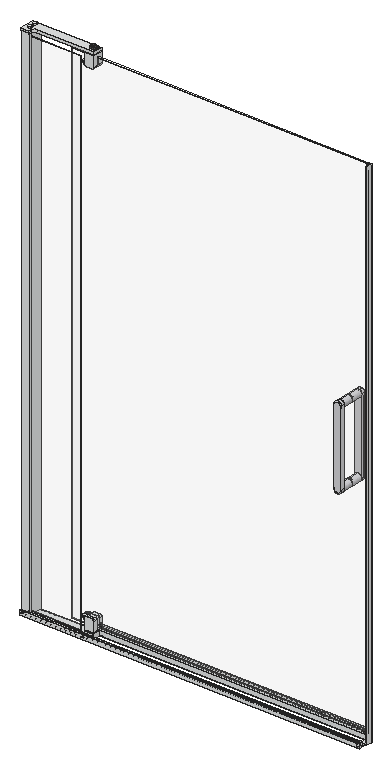
Revit family "Shower-Shower_Door-KOHLER-Revel-K-707556_1", category Specialty Equipment, host Face, Revit 2022 (continued)
Definition of nested family "K-707556"
  Dimensions and locks (in)
    aligned and locked: Masking region 3 sketch curve to plane 30
    aligned and locked: plane 29 to Masking region 3 sketch curve
    aligned and locked: Extrusion 35 sketch curve to plane 28
    aligned and locked: Extrusion 35 to plane 22
    aligned and locked: Masking region 3 sketch curve to plane 28
    aligned and locked: plane 22 to Masking region 1 sketch curve
    aligned and locked: Masking region 1 sketch curve to plane 30
  Automatic sketch dimensions
    curve 91 to curve 92 = 0"  (x2)
    curve 91 to curve 93 = 0"  (x2)
    curve 91 to curve 94 = 0"  (x2)
    curve 91 to curve 95 = 0"  (x2)
    curve 92 to curve 93 = 0"  (x2)
    curve 92 to curve 94 = 0"  (x2)
    curve 92 to curve 95 = 0"  (x2)
    curve 93 to curve 94 = 0"  (x2)
    curve 93 to curve 95 = 0"  (x2)
    curve 94 to curve 95 = 0"  (x2)
    curve 143 to curve 144 = 0"  (x2)
    curve 143 to curve 145 = 0"  (x2)
    curve 143 to curve 146 = 0"  (x2)
    curve 144 to curve 145 = 0"  (x2)
    curve 144 to curve 146 = 0"  (x2)
    curve 145 to curve 146 = 0"  (x2)
    curve 80 to plane 4 = 0"
    curve 74 to plane 14 = 0"
    plane 1 "Center (Front/Back)" to curve 94 = 0"
    curve 75 to plane 14 = 0"
    curve 78 to plane 27 = 0"
    curve 147 to plane 27 = 0"
    plane 15 to curve 135 = 0"
    plane 15 to curve 136 = 0"
    curve 150 to plane 29 = 0"
    curve 159 to plane 31 = 0"
    curve 153 to plane 30 = 0"
    curve 161 to plane 30 = 0"
    curve 152 to plane 30 = 0"
    plane 15 to curve 150 = 0"
    plane 19 "A" to curve 131 = 0.03673"
    plane 18 to curve 131 = 0.13423"
    plane 20 "B" to curve 116 = 0.03673"
    plane 18 to curve 116 = 0.13423"
    plane 18 to curve 128 = 0.03673"
    plane 18 to curve 123 = 0.03673"
    plane 18 to curve 108 = 0.03673"
    plane 18 to curve 119 = 0.03673"
    curve 118 to plane 18 = 0.03673"
    curve 109 to plane 18 = 0.03673"
    curve 130 to plane 18 = 0.03673"
    curve 124 to plane 18 = 0.03673"
    curve 125 to plane 19 "A" = 0.03673"
    curve 122 to curve 125 = 0.0975"
    plane 20 "B" to curve 112 = 0.03673"
    curve 110 to curve 112 = 0.0975"
    curve 81 to curve 81 = 0.09093"
    curve 85 to plane 5 = 61/256"
    curve 84 to plane 5 = 0.03"
    curve 83 to plane 5 = 0.03"
    plane 1 "Center (Front/Back)" to curve 102 = 0.02884"
    plane 5 to curve 102 = 0.76063"
    plane 20 "B" to curve 141 = 0.16284"
    curve 102 to curve 141 = 0.04852"
    curve 102 to curve 96 = 0.09966"
    curve 102 to curve 104 = 0.09966"
    curve 141 to curve 143 = 0.07988"
    curve 96 to curve 140 = 0.02874"
    curve 140 to curve 94 = 0.0001"
    curve 95 to curve 103 = 0.02884"
    curve 140 to curve 100 = 0.02895"
    plane 1 "Center (Front/Back)" to curve 103 = 0.02884"
    curve 103 to curve 103 = 0.09966"
    plane 1 "Center (Front/Back)" to curve 142 = 0.04856"
    curve 142 to plane 27 = 0.23277"
    curve 157 to plane 31 = 0.03365"
    plane 31 to curve 158 = 0.01322"
    plane 31 to curve 156 = 0.02423"
    curve 156 to curve 154 = 0.00633"
    curve 155 to curve 153 = 0.05885"
    plane 31 to curve 155 = 0.08389"
    plane 1 "Center (Front/Back)" to curve 160 = 0.00425"
    curve 155 to curve 160 = 0.02009"
    plane 31 to curve 162 = 0.15086"
    curve 163 to curve 163 = 0.02441"
    curve 148 to plane 30 = 0.05767"
    curve 147 to plane 30 = 0.05767"
    curve 80 to curve 79 = 0.1652"
    curve 84 to plane 15 = 0.4581"
    curve 84 to curve 85 = 0.11575"
    curve 130 to curve 129 = 0.0975"
    plane 19 "A" to curve 130 = 0.03673"
    curve 127 to plane 19 "A" = 0.03673"
    curve 120 to curve 121 = 0.0975"
    plane 1 "Center (Front/Back)" to curve 162 = 0.18411"
    curve 163 to curve 148 = 0.02361"
    curve 104 to curve 104 = 0.09966"
    curve 101 to plane 1 "Center (Front/Back)" = 0.02884"
    curve 96 to plane 1 "Center (Front/Back)" = 0.02884"
    curve 96 to curve 140 = 0.00248"
    curve 155 to plane 1 "Center (Front/Back)" = 0.09118"
    curve 99 to curve 97 = 0.09966"
    curve 155 to curve 154 = 0.06544"
    curve 154 to curve 156 = 0.00927"
    curve 111 to plane 20 "B" = 0.13423"
    curve 158 to plane 20 "B" = 0.03683"
    curve 114 to plane 20 "B" = 0.03673"
    curve 119 to plane 20 "B" = 0.03673"
    curve 158 to curve 157 = 0.0175"
    curve 108 to curve 108 = 0.0975"
    curve 141 to curve 144 = 0.00699"
    curve 88 to curve 81 = 0.00607"
    plane 5 to curve 87 = 0.27052"
    plane 5 to curve 74 = 0.38638"
    curve 94 to curve 102 = 0.2311"
    curve 92 to curve 102 = 0.08693"
    plane 20 "B" to curve 141 = 0.01706"
    curve 74 to curve 141 = 0.00276"
    curve 140 to curve 141 = 0"
    curve 143 to curve 141 = 0.01712"
    curve 141 to curve 144 = 0.00256"
    curve 146 to curve 75 = 0.02854"
    plane 1 "Center (Front/Back)" to curve 142 = 0.13925"
    curve 75 to plane 27 = 0.1683"
    curve 89 to plane 27 = 0.04478"
    curve 135 to plane 19 "A" = 0.21563"
    curve 135 to plane 6 "K" = 0.49213"
    curve 132 to plane 20 "B" = 0.11924"
    curve 132 to plane 6 "K" = 0.49213"
    curve 138 to plane 6 "K" = 0.49213"
    plane 6 "K" to curve 136 = 0.49213"
    curve 134 to curve 136 = 0"
    plane 6 "K" to curve 138 = 0.49213"
    curve 156 to plane 29 = 0.05792"
    curve 156 to curve 139 = 0.00498"
    curve 163 to curve 161 = 0.0027"
    plane 30 to curve 162 = 0.01307"
    curve 136 to curve 137 = 0.05765"
    curve 137 to curve 151 = 0.2007"
    curve 151 to curve 152 = 0.06438"
    curve 87 to curve 90 = 0.123"
    curve 89 to curve 87 = 0.11678"
    curve 162 to plane 19 "A" = 0.03474"
    curve 162 to curve 161 = 0.0941"
    curve 77 to curve 148 = 0.17575"
    curve 150 to plane 19 "A" = 0.21563"
    curve 136 to plane 19 "A" = 0.21563"
    curve 76 to curve 148 = 0.06517"
    curve 76 to plane 14 = 0.19046"
    curve 133 to plane 14 = 0.19046"
    curve 134 to plane 14 = 0.19046"
    plane 12 to curve 138 = 0.51403"
    curve 35 to curve 36 = 0"  (x2)
    plane 4 to curve 3 = 0"
    plane 4 to curve 5 = 0"
    curve 1 to plane 7 = 0"
    curve 4 to plane 16 = 0"
    curve 4 to plane 17 = 0"
    curve 3 to plane 8 = 0"
    curve 14 to plane 21 "C" = 0"
    curve 6 to plane 5 = 0"
    curve 5 to plane 5 = 0"
    curve 33 to plane 17 = 0"
    curve 13 to plane 16 = 0"
    curve 20 to plane 8 = 0"
    curve 23 to plane 7 = 0"
    curve 34 to plane 17 = 0"
    curve 15 to plane 16 = 0"
    curve 166 to plane 22 = 0"
    curve 17 to plane 30 = 0"
    curve 165 to plane 30 = 0"
    curve 149 to level = 0"
    curve 149 to plane 22 = 0"
    curve 167 to level = 0"
    curve 35 to plane 9 "D" = 0"
    curve 6 to plane 17 = 0"
    curve 14 to plane 5 = 0.03234"
    plane 9 "D" to curve 33 = 0.02692"
    plane 5 to curve 33 = 0.26228"
    curve 7 to plane 21 "C" = 0.03784"
    plane 5 to curve 7 = 0.28002"
    plane 9 "D" to curve 30 = 0.27933"
    curve 8 to curve 8 = 0.24016"
    curve 30 to plane 27 = 0.31124"
    curve 10 to plane 21 "C" = 0.03893"
    curve 10 to plane 27 = 0.28385"
    plane 9 "D" to curve 34 = 0.02692"
    plane 31 to curve 166 = 0.15086"
    plane 16 to curve 18 = 0.04195"
    plane 7 to curve 2 = 0.03277"
    plane 18 to curve 2 = 0.246"
    curve 2 to curve 1 = 0"  (x2)
    curve 1 to plane 18 = 0.246"
    curve 4 to plane 18 = 0.48083"
    curve 1 to curve 3 = 0.23863"
    plane 5 to curve 22 = 0.26706"
    curve 31 to curve 36 = 0.02188"
    plane 26 to curve 25 = 0.16051"
    plane 5 to curve 25 = 0.56409"
    plane 16 to curve 12 = 0.12358"
    curve 7 to curve 12 = 0.37288"
    curve 12 to curve 13 = 0"
    curve 25 to curve 24 = 23/256"
    curve 22 to curve 20 = 0.38688"
    curve 24 to curve 23 = 0"  (x2)
    curve 20 to curve 21 = 0"  (x2)
    curve 20 to plane 27 = 0.45049"
    curve 23 to curve 20 = 0"
    curve 13 to curve 11 = 0.40467"
    curve 13 to curve 12 = 0.00481"
    curve 24 to curve 25 = 23/256"
    curve 22 to plane 27 = 0.06361"
    curve 15 to plane 27 = 0.04478"
    curve 168 to plane 29 = 0.05794"
    curve 149 to plane 28 = 0.05484"
    curve 16 to level = 0.00013"
    curve 18 to curve 15 = 0.13054"
    plane 16 to curve 11 = 0.16295"
    curve 166 to curve 19 = 0.42563"
    plane 16 to curve 6 = 0.46758"
    curve 7 to curve 6 = 0"
    plane 21 "C" to curve 14 = 0.31068"
    curve 35 to plane 9 "D" = 0.16965"
    curve 22 to plane 8 = 0.13399"
    curve 21 to plane 8 = 0.07121"
    curve 24 to curve 25 = 0.063"
    Extrusion 1 sketch curve to level = 0"
    Extrusion 1 sketch curve to plane 15 = 0.06835"
    Extrusion 1 sketch curve to Extrusion 1 sketch curve = 0.0575"
    Extrusion 1 sketch curve to Extrusion 1 sketch curve = 0.00517"
    Extrusion 1 sketch curve to Extrusion 1 sketch curve = 0.01419"
    Extrusion 1 sketch curve to Extrusion 1 sketch curve = 0.06095"
    level to Extrusion 1 sketch curve = 1/16"
    Extrusion 1 sketch curve to plane 19 "A" = 0.24875"
    Extrusion 1 sketch curve to Extrusion 1 sketch curve = 0.0269"
    Extrusion 1 sketch curve to plane 14 = 0.11294"
    Extrusion 1 sketch curve to plane 14 = 0.10972"
    level to Extrusion 1 sketch curve = 0.0362"
    level to Extrusion 1 sketch curve = 0.1353"
    Extrusion 1 sketch curve to Extrusion 1 sketch curve = 0.18081"
    Extrusion 1 sketch curve to plane 16 = 0.14992"
    Extrusion 2 sketch curve to plane 15 = 0"
    Extrusion 2 sketch curve to plane 16 = 0"
    Extrusion 2 sketch curve to level = 0"
    Extrusion 2 sketch curve to Extrusion 2 sketch curve = 0.02565"
    Extrusion 2 sketch curve to Extrusion 2 sketch curve = 0.04849"
    Extrusion 2 sketch curve to plane 15 = 0.06835"
    Extrusion 2 sketch curve to Extrusion 2 sketch curve = 0.01986"
    Extrusion 2 sketch curve to Extrusion 2 sketch curve = 0.13"
    Extrusion 2 sketch curve to Extrusion 2 sketch curve = 0.03"
    Extrusion 2 sketch curve to Extrusion 2 sketch curve = 0.02306"
    level to Extrusion 2 sketch curve = 0.06"
    Extrusion 2 sketch curve to plane 19 "A" = 0.21563"
    Extrusion 2 sketch curve to level = 0.00012"
    Extrusion 2 sketch curve to Extrusion 2 sketch curve = 0.05002"
    Extrusion 2 sketch curve to Extrusion 2 sketch curve = 0.06012"
    Extrusion 2 sketch curve to Extrusion 2 sketch curve = 0.23886"
    Extrusion 2 sketch curve to Extrusion 2 sketch curve = 0.03927"
    Extrusion 3 sketch curve to plane 15 = 0"
    Extrusion 3 sketch curve to plane 16 = 0"
    plane 15 to Extrusion 3 sketch curve = 0.01592"
    Extrusion 3 sketch curve to Extrusion 3 sketch curve = 0.01926"
    Extrusion 3 sketch curve to plane 15 = 0.27398"
    Extrusion 3 sketch curve to Extrusion 3 sketch curve = 0.02839"
    level to Extrusion 3 sketch curve = 0.12718"
    Extrusion 3 sketch curve to Extrusion 3 sketch curve = 0.02873"
    Extrusion 3 sketch curve to Extrusion 3 sketch curve = 0.00215"
    Extrusion 3 sketch curve to Extrusion 3 sketch curve = 0.01786"
    Extrusion 3 sketch curve to Extrusion 3 sketch curve = 0.03964"
    level to Extrusion 3 sketch curve = 0.02652"
    Extrusion 3 sketch curve to plane 19 "A" = 0.24875"
    Extrusion 3 sketch curve to level = 0.00012"
    Extrusion 3 sketch curve to plane 20 "B" = 0.05137"
    Extrusion 3 sketch curve to plane 20 "B" = 0.04724"
    Extrusion 3 sketch curve to plane 20 "B" = 0.01862"
    level to Extrusion 3 sketch curve = 0.03588"
    Extrusion 3 sketch curve to Extrusion 3 sketch curve = 0.03586"
    Extrusion 3 sketch curve to Extrusion 3 sketch curve = 0.17605"
    plane 16 to Extrusion 3 sketch curve = 0.01936"
    Extrusion 4 sketch curve to plane 4 = 0"  (x3)
    Extrusion 4 sketch curve to Extrusion 4 sketch curve = 0.0602"  (x3)
    plane 18 to Extrusion 4 sketch curve = 0.07962"  (x2)
    Extrusion 4 sketch curve to plane 18 = 0.12868"
    Extrusion 4 sketch curve to Extrusion 4 sketch curve = 0.35216"
    Extrusion 4 sketch curve to plane 14 = 0.06541"
    Extrusion 4 sketch curve to plane 18 = 0.48463"
    Extrusion 4 sketch curve to Extrusion 4 sketch curve = 0.08028"
    Extrusion 4 sketch curve to plane 20 "B" = 0.05739"
    Extrusion 4 sketch curve to Extrusion 4 sketch curve = 0.06414"
    Extrusion 4 sketch curve to plane 19 "A" = 0.12285"
    Extrusion 4 sketch curve to plane 19 "A" = 0.05862"
    plane 19 "A" to Extrusion 4 sketch curve = 0.29112"
    Extrusion 4 sketch curve to Extrusion 4 sketch curve = 0.11575"
    Extrusion 4 sketch curve to plane 15 = 0.32135"
    Extrusion 4 sketch curve to Extrusion 4 sketch curve = 0.063"
    plane 18 to Extrusion 5 sketch curve = 0.07962"  (x2)
    Extrusion 5 sketch curve to plane 18 = 0.12868"
    Extrusion 5 sketch curve to plane 5 = 61/256"
    Extrusion 5 sketch curve to plane 5 = 0.03"  (x2)
    Extrusion 5 sketch curve to plane 15 = 0.4581"
    Extrusion 5 sketch curve to Extrusion 5 sketch curve = 0.11575"
    Extrusion 6 sketch curve to plane 14 = 0"
    Extrusion 6 sketch curve to plane 15 = 0.20009"
    Extrusion 6 sketch curve to plane 18 = 0.45693"
    Extrusion 6 sketch curve to Extrusion 6 sketch curve = 0.09093"
    Extrusion 6 sketch curve to Extrusion 6 sketch curve = 0.51584"
    Extrusion 6 sketch curve to Extrusion 6 sketch curve = 0.07427"
    Revolve 7 sketch curve to plane 7 = 0.10388"
    Revolve 7 sketch curve to Revolve 7 sketch curve = 0.03277"
    Revolve 7 sketch curve to Revolve 7 sketch curve = 0.17753"
    Revolve 7 sketch curve to plane 26 = 0.02929"
    Revolve 7 sketch curve to Revolve 7 sketch curve = 0.2419"
    Revolve 8 sketch curve to Revolve 8 sketch curve = 0.03277"
    Revolve 8 sketch curve to Revolve 8 sketch curve = 0.17753"
    Revolve 8 sketch curve to plane 7 = 0.10388"
    plane 26 to Revolve 8 sketch curve = 0.01062"
    Revolve 8 sketch curve to plane 26 = 0.13893"
    Extrusion 9 sketch curve to level = 0"
    Extrusion 9 sketch curve to plane 15 = 0.06835"
    Extrusion 9 sketch curve to Extrusion 9 sketch curve = 0.0575"
    Extrusion 9 sketch curve to Extrusion 9 sketch curve = 0.11628"
    Extrusion 9 sketch curve to Extrusion 9 sketch curve = 0.01"
    Extrusion 9 sketch curve to Extrusion 9 sketch curve = 0.0365"
    Extrusion 9 sketch curve to plane 16 = 0.00492"  (x2)
    Extrusion 9 sketch curve to Extrusion 9 sketch curve = 0.03091"
    Extrusion 9 sketch curve to Extrusion 9 sketch curve = 0.05911"
    Extrusion 9 sketch curve to Extrusion 9 sketch curve = 1/8"
    Extrusion 9 sketch curve to Extrusion 9 sketch curve = 0.04573"
    Extrusion 9 sketch curve to Extrusion 9 sketch curve = 0.27637"
    Extrusion 9 sketch curve to Extrusion 9 sketch curve = 0.06091"
    Extrusion 9 sketch curve to Extrusion 9 sketch curve = 0.04562"
    level to Extrusion 9 sketch curve = 1/16"
    Extrusion 9 sketch curve to plane 19 "A" = 0.24913"
    Extrusion 9 sketch curve to Extrusion 9 sketch curve = 1/32"
    Extrusion 9 sketch curve to plane 14 = 0.07674"
    level to Extrusion 9 sketch curve = 0.13559"
    level to Extrusion 9 sketch curve = 1/4"
    Extrusion 9 sketch curve to Extrusion 9 sketch curve = 0.05172"
    Extrusion 9 sketch curve to plane 16 = 0.14992"
    Extrusion 10 sketch curve to plane 21 "C" = 0.03784"
    plane 5 to Extrusion 10 sketch curve = 0.28002"
    Extrusion 10 sketch curve to Extrusion 10 sketch curve = 0.03852"
    Extrusion 10 sketch curve to Extrusion 10 sketch curve = 0.24016"
    Extrusion 10 sketch curve to plane 21 "C" = 0.03893"
    Extrusion 10 sketch curve to plane 27 = 0.28385"
    Extrusion 10 sketch curve to Extrusion 10 sketch curve = 0.03937"
    plane 16 to Extrusion 10 sketch curve = 0.16295"
    plane 1 "Center (Front/Back)" to Extrusion 11 sketch curve = 0.223"
    Extrusion 11 sketch curve to plane 20 "B" = 0.04449"
    plane 16 to Extrusion 11 sketch curve = 0.46758"
    Extrusion 11 sketch curve to plane 21 "C" = 0.5088"
    plane 5 to Extrusion 12 sketch curve = 0.29971"
    Extrusion 12 sketch curve to plane 21 "C" = 0.25831"
    Extrusion 12 sketch curve to Extrusion 12 sketch curve = 0.22047"
    Extrusion 12 sketch curve to plane 21 "C" = 0.03893"
    Extrusion 12 sketch curve to plane 27 = 0.28385"
    plane 16 to Extrusion 12 sketch curve = 0.46758"
    plane 20 "B" to Revolve 13 sketch curve = 0.069"
    plane 20 "B" to Revolve 13 sketch curve = 0.02888"
    Revolve 13 sketch curve to plane 20 "B" = 0.14723"
    Revolve 13 sketch curve to Revolve 13 sketch curve = 0.03917"  (x2)
    plane 1 "Center (Front/Back)" to Revolve 13 sketch curve = 0.097"
    Revolve 13 sketch curve to Revolve 13 sketch curve = 0.17611"
    Revolve 13 sketch curve to plane 5 = 0.03234"  (x2)
    Revolve 13 sketch curve to plane 19 "A" = 0.19948"
    Revolve 13 sketch curve to plane 5 = 0.18945"
    Revolve 13 sketch curve to Revolve 13 sketch curve = 0.1116"  (x2)
    Revolve 13 sketch curve to Revolve 13 sketch curve = 0.00353"  (x2)
    Revolve 13 sketch curve to Revolve 13 sketch curve = 0.138"
    Revolve 13 sketch curve to Revolve 13 sketch curve = 0"
    plane 5 to Extrusion 14 sketch curve = 0.48346"
    Extrusion 14 sketch curve to Extrusion 14 sketch curve = 0.10908"  (x7)
    Extrusion 14 sketch curve to Extrusion 14 sketch curve = 0.40681"
    Extrusion 14 sketch curve to Extrusion 14 sketch curve = 0"  (x2)
    plane 21 "C" to Extrusion 14 sketch curve = 0.69196"
    Extrusion 14 sketch curve to Extrusion 14 sketch curve = 0.06298"  (x6)
    Extrusion 14 sketch curve to Extrusion 14 sketch curve = 0.12596"  (x6)
    Revolve 15 sketch curve to plane 5 = 0"  (x2)
    plane 20 "B" to Revolve 15 sketch curve = 0.07592"
    plane 20 "B" to Revolve 15 sketch curve = 0.0358"
    Revolve 15 sketch curve to plane 20 "B" = 0.14031"
    Revolve 15 sketch curve to Revolve 15 sketch curve = 0.03917"  (x2)
    plane 1 "Center (Front/Back)" to Revolve 15 sketch curve = 0.09007"
    Revolve 15 sketch curve to Revolve 15 sketch curve = 0.17611"
    Revolve 15 sketch curve to Revolve 15 sketch curve = 0.04012"
    Revolve 15 sketch curve to plane 5 = 0.15711"
    Revolve 15 sketch curve to Revolve 15 sketch curve = 0.1116"  (x2)
    Revolve 15 sketch curve to Revolve 15 sketch curve = 0.00353"  (x2)
    Revolve 15 sketch curve to Revolve 15 sketch curve = 0.04117"
    Revolve 15 sketch curve to Revolve 15 sketch curve = 0.03191"
    plane 1 "Center (Front/Back)" to Extrusion 16 sketch curve = 0.1776"
    plane 1 "Center (Front/Back)" to Extrusion 16 sketch curve = 0.13662"
    Extrusion 16 sketch curve to Extrusion 16 sketch curve = 0.01969"
    plane 1 "Center (Front/Back)" to Extrusion 16 sketch curve = 0.097"
    Extrusion 16 sketch curve to plane 1 "Center (Front/Back)" = 0.019"
    Extrusion 16 sketch curve to plane 1 "Center (Front/Back)" = 0.135"
    Extrusion 16 sketch curve to Extrusion 16 sketch curve = 0.01577"
    Extrusion 16 sketch curve to Extrusion 16 sketch curve = 0.06816"
    Extrusion 16 sketch curve to Extrusion 16 sketch curve = 0.02029"
    Extrusion 16 sketch curve to plane 20 "B" = 0.06943"
    Extrusion 16 sketch curve to plane 20 "B" = 0.05981"
    Extrusion 16 sketch curve to plane 20 "B" = 0.04455"
    Extrusion 16 sketch curve to Extrusion 16 sketch curve = 0.00192"
    Extrusion 16 sketch curve to Extrusion 16 sketch curve = 0.02195"
    Extrusion 16 sketch curve to plane 20 "B" = 0.0158"
    plane 20 "B" to Extrusion 16 sketch curve = 0.02709"
    plane 20 "B" to Extrusion 16 sketch curve = 0.1554"
    Extrusion 16 sketch curve to Extrusion 16 sketch curve = 0.13668"
    Extrusion 16 sketch curve to plane 14 = 0.10279"
    plane 12 to Extrusion 16 sketch curve = 0.13751"
    level to Extrusion 16 sketch curve = 0.02205"
    plane 16 to Extrusion 16 sketch curve = 0.38094"
    plane 16 to Extrusion 16 sketch curve = 0.46758"
    Extrusion 16 sketch curve to Extrusion 16 sketch curve = 0.05297"
    Extrusion 16 sketch curve to Extrusion 16 sketch curve = 0.06092"
    Extrusion 16 sketch curve to Extrusion 16 sketch curve = 0.00797"
    Extrusion 16 sketch curve to Extrusion 16 sketch curve = 0.08"
    Extrusion 16 sketch curve to Extrusion 16 sketch curve = 0.0482"
    Extrusion 16 sketch curve to Extrusion 16 sketch curve = 0.00549"
    Extrusion 16 sketch curve to Extrusion 16 sketch curve = 0.13016"
    Extrusion 16 sketch curve to Extrusion 16 sketch curve = 0.17562"
    Extrusion 16 sketch curve to Extrusion 16 sketch curve = 0.03365"
    Extrusion 16 sketch curve to Extrusion 16 sketch curve = 0.22138"
    Extrusion 16 sketch curve to Extrusion 16 sketch curve = 0.42658"
    Extrusion 16 sketch curve to Extrusion 16 sketch curve = 0.04739"
    Extrusion 16 sketch curve to plane 21 "C" = 0.6411"
    Extrusion 16 sketch curve to Extrusion 16 sketch curve = 0"  (x4)
    Extrusion 16 sketch curve to plane 20 "B" = 0.00715"
    Extrusion 16 sketch curve to Extrusion 16 sketch curve = 0.00661"
    Extrusion 17 sketch curve to Extrusion 17 sketch curve = 0.03321"  (x2)
    plane 9 "D" to Extrusion 17 sketch curve = 0.02692"  (x2)
    Extrusion 17 sketch curve to plane 27 = 0.05882"
    plane 5 to Extrusion 17 sketch curve = 0.51469"
    plane 1 "Center (Front/Back)" to Extrusion 18 sketch curve = 0.22762"
    Extrusion 18 sketch curve to plane 20 "B" = 0.08637"
    plane 5 to Extrusion 19 sketch curve = 0.28196"
    plane 9 "D" to Extrusion 19 sketch curve = 0.02692"  (x2)
    Extrusion 19 sketch curve to Extrusion 19 sketch curve = 0.23273"
    Extrusion 19 sketch curve to plane 27 = 0.31124"
    plane 1 "Center (Front/Back)" to Extrusion 20 sketch curve = 0.1605"
    Extrusion 20 sketch curve to plane 5 = 2.07363"
    Extrusion 20 sketch curve to plane 1 "Center (Front/Back)" = 0.152"
    Extrusion 20 sketch curve to Extrusion 20 sketch curve = 0"
    Extrusion 20 sketch curve to Extrusion 20 sketch curve = 0.19516"
    plane 1 "Center (Front/Back)" to Extrusion 20 sketch curve = 0.00425"
    plane 31 to Extrusion 20 sketch curve = 0.10398"
    plane 23 to Extrusion 21 sketch curve = 0.06719"  (x4)
    plane 5 to Extrusion 21 sketch curve = 0.46627"
    Extrusion 21 sketch curve to plane 23 = 0.12174"  (x2)
    Extrusion 21 sketch curve to Extrusion 21 sketch curve = 0.10908"  (x7)
    plane 23 to Extrusion 21 sketch curve = 0.00422"  (x2)
    Extrusion 21 sketch curve to plane 22 = 0.12366"  (x2)
    Extrusion 21 sketch curve to Extrusion 21 sketch curve = 0.40862"
    Extrusion 21 sketch curve to Extrusion 21 sketch curve = 0"
    Extrusion 21 sketch curve to plane 23 = 0.05876"  (x4)
    Revolve 22 sketch curve to plane 11 = 0"
    plane 24 to Revolve 22 sketch curve = 0.24424"
    plane 12 to Revolve 22 sketch curve = 0.51403"
    Revolve 22 sketch curve to plane 1 "Center (Front/Back)" = 0.135"
    plane 1 "Center (Front/Back)" to Revolve 22 sketch curve = 0.097"
    Revolve 22 sketch curve to plane 15 = 0.05765"
    Revolve 22 sketch curve to plane 12 = 1.06078"
    Revolve 22 sketch curve to Revolve 22 sketch curve = 0.3937"
    plane 1 "Center (Front/Back)" to Revolve 23 sketch curve = 0.097"
    Revolve 23 sketch curve to plane 25 = 0.24424"
    Revolve 23 sketch curve to plane 1 "Center (Front/Back)" = 0.135"
    plane 12 to Revolve 23 sketch curve = 0.51403"
    Revolve 23 sketch curve to plane 15 = 0.05765"
    Revolve 23 sketch curve to plane 12 = 3.81668"
    Revolve 23 sketch curve to Revolve 23 sketch curve = 0.7874"
    Sweep 24 sketch curve to profile plane = 0"
    Sweep 24 sketch curve to profile plane = 0.03819"
    Sweep 24 sketch curve to Sweep 24 sketch curve = 0.03217"
    plane 1 "Center (Front/Back)" to Sweep 24 sketch curve = 1.47495"
    Sweep 24 sketch curve to Sweep 24 sketch curve = 0.48457"
    Extrusion 25 sketch curve to plane 25 = 0"
    Sweep 26 sketch curve to profile plane = 0"
    profile plane to Sweep 26 sketch curve = 0.03596"
    Sweep 26 sketch curve to Sweep 26 sketch curve = 0.04726"
    Sweep 26 sketch curve to plane 1 "Center (Front/Back)" = 2.10994"
    Sweep 26 sketch curve to Sweep 26 sketch curve = 0.47807"
    Extrusion 27 sketch curve to plane 25 = 0"
    Extrusion 27 sketch curve to plane 24 = 0"
    plane 1 "Center (Front/Back)" to Extrusion 28 sketch curve = 0"
    Extrusion 28 sketch curve to plane 27 = 0.68567"
    Masking region 1 sketch curve to Masking region 1 sketch curve = 0"  (x4)
    plane 18 to Masking region 1 sketch curve = 0"
    Masking region 1 sketch curve to plane 7 = 0"  (x2)
    Masking region 1 sketch curve to plane 5 = 0"
    Masking region 1 sketch curve to plane 26 = 0"
    Masking region 1 sketch curve to plane 16 = 0"  (x2)
    Masking region 1 sketch curve to plane 8 = 0"
    Masking region 1 sketch curve to plane 17 = 0"
    Masking region 1 sketch curve to plane 28 = 0"
    Masking region 1 sketch curve to level = 0"
    plane 18 to Masking region 1 sketch curve = 0.246"
    plane 7 to Masking region 1 sketch curve = 0.03277"
    Masking region 1 sketch curve to plane 18 = 0.246"
    plane 5 to Masking region 1 sketch curve = 0.26228"
    Masking region 1 sketch curve to plane 8 = 0.07121"  (x2)
    Masking region 1 sketch curve to Masking region 1 sketch curve = 0.00478"
    Masking region 1 sketch curve to Masking region 1 sketch curve = 0.28002"
    Masking region 1 sketch curve to Masking region 1 sketch curve = 0.03852"
    Masking region 1 sketch curve to Masking region 1 sketch curve = 0.11286"
    plane 7 to Masking region 1 sketch curve = 0.1409"  (x2)
    plane 5 to Masking region 1 sketch curve = 0.52953"
    plane 26 to Masking region 1 sketch curve = 0.16051"  (x2)
    Masking region 1 sketch curve to Masking region 1 sketch curve = 0.03457"  (x2)
    plane 26 to Masking region 1 sketch curve = 0.02092"  (x2)
    Masking region 1 sketch curve to Masking region 1 sketch curve = 0.01962"
    plane 26 to Masking region 1 sketch curve = 0.02431"
    Masking region 1 sketch curve to Masking region 1 sketch curve = 0.33436"
    Masking region 1 sketch curve to Masking region 1 sketch curve = 0.12442"
    Masking region 1 sketch curve to Masking region 1 sketch curve = 0.27402"
    Masking region 1 sketch curve to plane 27 = 0.45049"
    plane 16 to Masking region 1 sketch curve = 0.12358"
    Masking region 1 sketch curve to plane 27 = 0.44945"
    Masking region 1 sketch curve to Masking region 1 sketch curve = 0.04616"
    Masking region 1 sketch curve to Masking region 1 sketch curve = 0.02407"
    Masking region 1 sketch curve to Masking region 1 sketch curve = 23/256"
    Masking region 1 sketch curve to plane 27 = 0.17647"
    Masking region 1 sketch curve to plane 27 = 0.08415"
    Masking region 1 sketch curve to plane 27 = 0.06361"
    Masking region 1 sketch curve to plane 27 = 0.05882"
    Masking region 1 sketch curve to plane 27 = 0.04478"
    Masking region 1 sketch curve to Masking region 1 sketch curve = 0.12358"
    Masking region 1 sketch curve to Masking region 1 sketch curve = 0.03937"
    Masking region 1 sketch curve to Masking region 1 sketch curve = 0.30548"
    Masking region 1 sketch curve to Masking region 1 sketch curve = 0.09599"  (x2)
    Masking region 1 sketch curve to plane 7 = 0.10415"
    Masking region 2 sketch curve to Masking region 2 sketch curve = 0"  (x7)
    Masking region 2 sketch curve to level = 0"  (x2)
    Masking region 2 sketch curve to plane 15 = 0"  (x2)
    Masking region 2 sketch curve to plane 10 = 0"
    Masking region 2 sketch curve to plane 12 = 0"
    Masking region 2 sketch curve to plane 13 = 0"
    Masking region 2 sketch curve to plane 11 = 0"  (x2)
    Masking region 2 sketch curve to plane 8 = 0"
    Masking region 2 sketch curve to plane 19 "A" = 0"
    Masking region 2 sketch curve to plane 20 "B" = 0"
    Masking region 2 sketch curve to plane 7 = 0"  (x2)
    Masking region 2 sketch curve to plane 14 = 0"
    Masking region 2 sketch curve to level = 0.00012"
    level to Masking region 2 sketch curve = 0.01986"
    Masking region 2 sketch curve to Masking region 2 sketch curve = 0.0269"
    level to Masking region 2 sketch curve = 0.03587"
    Masking region 2 sketch curve to Masking region 2 sketch curve = 0.0331"
    Masking region 2 sketch curve to Masking region 2 sketch curve = 0.00251"
    Masking region 2 sketch curve to Masking region 2 sketch curve = 0.05002"
    Masking region 2 sketch curve to Masking region 2 sketch curve = 0.06012"
    Masking region 2 sketch curve to Masking region 2 sketch curve = 0.0053"
    level to Masking region 2 sketch curve = 0.21702"
    Masking region 2 sketch curve to Masking region 2 sketch curve = 0.03298"  (x2)
    Masking region 2 sketch curve to Masking region 2 sketch curve = 0.12887"
    Masking region 2 sketch curve to Masking region 2 sketch curve = 0.04783"
    Masking region 2 sketch curve to Masking region 2 sketch curve = 0.04523"
    Masking region 2 sketch curve to Masking region 2 sketch curve = 0.056"
    Masking region 2 sketch curve to Masking region 2 sketch curve = 0.112"
    Masking region 2 sketch curve to plane 16 = 0.06492"
    plane 16 to Masking region 2 sketch curve = 0.01936"
    Masking region 2 sketch curve to Masking region 2 sketch curve = 0.0226"
    Masking region 2 sketch curve to plane 14 = 0.01249"  (x4)
    plane 16 to Masking region 2 sketch curve = 0.12358"
    plane 14 to Masking region 2 sketch curve = 0.03695"  (x2)
    Masking region 2 sketch curve to Masking region 2 sketch curve = 0.65502"
    plane 21 "C" to Masking region 2 sketch curve = 0.37702"
    Masking region 2 sketch curve to plane 21 "C" = 0.278"
    Masking region 2 sketch curve to Masking region 2 sketch curve = 0.03937"
    Masking region 2 sketch curve to Masking region 2 sketch curve = 0.04189"
    Masking region 2 sketch curve to plane 15 = 0.05765"
    plane 25 to Masking region 2 sketch curve = 0.49008"
    Masking region 2 sketch curve to plane 14 = 0.06541"  (x3)
    plane 25 to Masking region 2 sketch curve = 0.49213"
    Masking region 2 sketch curve to plane 24 = 0.49213"  (x2)
    Masking region 2 sketch curve to plane 11 = 0.03937"
    Masking region 2 sketch curve to plane 11 = 0.03773"
    plane 9 "D" to Masking region 2 sketch curve = 0.27933"
    Masking region 2 sketch curve to plane 23 = 0.18476"
    Masking region 2 sketch curve to plane 22 = 0.06065"
    Masking region 2 sketch curve to plane 8 = 0.13399"
    Masking region 2 sketch curve to plane 7 = 0.10301"  (x2)
    plane 7 to Masking region 2 sketch curve = 0.03265"  (x3)
    Masking region 2 sketch curve to Masking region 2 sketch curve = 0.10825"
    plane 20 "B" to Masking region 2 sketch curve = 0.05679"
    plane 7 to Masking region 2 sketch curve = 0.17155"
    plane 20 "B" to Masking region 2 sketch curve = 0.03811"
    Masking region 2 sketch curve to Masking region 2 sketch curve = 0.03235"
    Masking region 2 sketch curve to Masking region 2 sketch curve = 0.063"
    plane 26 to Masking region 2 sketch curve = 0.03296"  (x2)
    plane 26 to Masking region 2 sketch curve = 0.02837"  (x2)
    plane 12 to Masking region 2 sketch curve = 0.51403"
    Masking region 2 sketch curve to Masking region 2 sketch curve = 0.05292"  (x2)
    Masking region 2 sketch curve to plane 14 = 0.07674"
    plane 20 "B" to Masking region 2 sketch curve = 0.00335"
    Masking region 2 sketch curve to plane 20 "B" = 0.01523"
    plane 1 "Center (Front/Back)" to Masking region 2 sketch curve = 0.23689"
    Masking region 2 sketch curve to Masking region 2 sketch curve = 0.03674"
    Masking region 2 sketch curve to plane 19 "A" = 0.27565"
    Masking region 2 sketch curve to Masking region 2 sketch curve = 0.06964"
    Masking region 2 sketch curve to Masking region 2 sketch curve = 0.08795"
    Masking region 2 sketch curve to Masking region 2 sketch curve = 0.03313"
    Masking region 2 sketch curve to Masking region 2 sketch curve = 0.03477"
    Masking region 2 sketch curve to plane 15 = 0.25835"  (x2)
    Masking region 2 sketch curve to Masking region 2 sketch curve = 0.2007"
    Masking region 2 sketch curve to plane 15 = 0.25635"
    Masking region 2 sketch curve to Masking region 2 sketch curve = 0.028"
    Masking region 2 sketch curve to Masking region 2 sketch curve = 0.0365"
    Masking region 2 sketch curve to plane 15 = 0.20009"
    Masking region 2 sketch curve to Masking region 2 sketch curve = 0.01419"
    Masking region 2 sketch curve to Masking region 2 sketch curve = 0.00901"
    Masking region 2 sketch curve to Masking region 2 sketch curve = 0.0575"
    Masking region 2 sketch curve to plane 15 = 0.06835"  (x2)
    plane 15 to Masking region 2 sketch curve = 0.01592"
    curve 42 to level = 0"
    curve 41 to plane 15 = 0"
    curve 40 to plane 16 = 0"
    curve 53 to plane 10 = 0"
    curve 55 to plane 10 = 0"
    curve 56 to plane 10 = 0"
    curve 54 to plane 10 = 0"
    curve 60 to plane 11 = 0"
    curve 57 to plane 11 = 0"
    curve 59 to plane 11 = 0"
    curve 58 to plane 11 = 0"
    curve 50 to plane 8 = 0"
    curve 64 to plane 7 = 0"
    curve 65 to plane 7 = 0"
    level to curve 38 = 1/4"
    curve 41 to curve 41 = 0.02565"
    curve 39 to plane 16 = 0.02306"
    curve 69 to plane 20 "B" = 0.00166"
    curve 69 to plane 7 = 0.10106"
    plane 7 to curve 67 = 0.03265"
    curve 67 to plane 1 "Center (Front/Back)" = 0.07518"
    curve 38 to plane 15 = 0.25835"
    level to curve 44 = 0.06988"
    curve 44 to curve 44 = 0.06012"
    curve 44 to curve 43 = 0.13028"
    curve 43 to curve 41 = 0.12427"
    curve 40 to curve 38 = 0.04195"
    plane 16 to curve 45 = 0.12358"
    curve 46 to plane 14 = 0.01249"
    curve 45 to curve 46 = 0.65502"
    plane 21 "C" to curve 46 = 0.37702"
    curve 45 to plane 14 = 0.06541"
    curve 45 to plane 21 "C" = 0.278"
    curve 56 to plane 15 = 0.05765"
    plane 25 to curve 56 = 0.49008"
    curve 56 to curve 54 = 0"
    curve 53 to plane 14 = 0.06541"
    plane 25 to curve 53 = 0.49213"
    plane 25 to curve 55 = 0.49213"
    curve 57 to plane 14 = 0.06541"
    curve 57 to plane 24 = 0.49213"
    curve 60 to plane 15 = 0.05765"
    curve 60 to plane 24 = 0.49213"
    curve 60 to curve 59 = 0"
    curve 58 to plane 24 = 0.49213"
    curve 61 to plane 14 = 0.06541"
    plane 9 "D" to curve 61 = 0.27933"
    curve 62 to plane 14 = 0.01249"
    curve 62 to plane 23 = 0.18476"
    curve 62 to plane 22 = 0.06065"
    curve 61 to plane 8 = 0.13399"
    plane 7 to curve 66 = 0.03265"
    curve 71 to plane 20 "B" = 0.14018"
    plane 20 "B" to curve 69 = 0.05679"
    plane 20 "B" to curve 70 = 0.00355"
    curve 69 to curve 70 = 0.03235"
    curve 47 to plane 14 = 0.14569"
    curve 64 to plane 14 = 0.14464"
    curve 68 to curve 64 = 0"
    curve 37 to curve 47 = 0.03597"
    curve 63 to plane 14 = 0.06541"
    plane 12 to curve 55 = 0.51403"
    plane 12 to curve 58 = 0.51403"
    curve 48 to plane 20 "B" = 0.05739"
    curve 48 to curve 49 = 0.06414"
    plane 1 "Center (Front/Back)" to curve 71 = 0.23519"
    curve 71 to curve 64 = 0.0017"
    curve 64 to curve 66 = 0.06964"
    curve 65 to curve 66 = 0"
    curve 71 to curve 70 = 0.08965"
    curve 50 to plane 19 "A" = 0.12285"
    curve 51 to plane 19 "A" = 0.05862"
    plane 19 "A" to curve 65 = 0.24536"
    curve 66 to curve 65 = 0"
    curve 52 to plane 15 = 0.32135"
    curve 54 to curve 56 = 0.2007"
    curve 59 to curve 60 = 0.2007"
    curve 52 to curve 63 = 0.063"
    curve 43 to plane 15 = 0.06835"
    curve 44 to plane 15 = 0.06835"
    Masking region 3 sketch curve to plane 14 = 0"  (x3)
    Masking region 3 sketch curve to plane 27 = 0"  (x2)
    plane 15 to Masking region 3 sketch curve = 0"  (x2)
    plane 12 to Masking region 3 sketch curve = 0"
    plane 13 to Masking region 3 sketch curve = 0"
    Masking region 3 sketch curve to plane 6 "K" = 0"
    Masking region 3 sketch curve to plane 31 = 0"
    Masking region 3 sketch curve to plane 30 = 0"
    plane 5 to Masking region 3 sketch curve = 0.38638"
    plane 14 to Masking region 3 sketch curve = 0.03695"  (x2)
    Masking region 3 sketch curve to Masking region 3 sketch curve = 0.3937"
    Masking region 3 sketch curve to Masking region 3 sketch curve = 0.23449"
    Masking region 3 sketch curve to plane 27 = 0.1683"
    Masking region 3 sketch curve to plane 19 "A" = 0.21563"
    Masking region 3 sketch curve to plane 6 "K" = 0.49213"  (x3)
    Masking region 3 sketch curve to Masking region 3 sketch curve = 0.03693"
    Masking region 3 sketch curve to plane 13 = 0.05243"
    plane 6 "K" to Masking region 3 sketch curve = 0.4397"
    plane 12 to Masking region 3 sketch curve = 0.03693"
    plane 6 "K" to Masking region 3 sketch curve = 0.4552"
    plane 1 "Center (Front/Back)" to Masking region 3 sketch curve = 0.1776"
    plane 6 "K" to Masking region 3 sketch curve = 0.49213"
    Masking region 3 sketch curve to Masking region 3 sketch curve = 0.05243"
    plane 30 to Masking region 3 sketch curve = 0.03753"
    Masking region 3 sketch curve to plane 20 "B" = 0.03683"
    Masking region 3 sketch curve to plane 28 = 0.06578"
    Masking region 3 sketch curve to plane 28 = 0.03401"
    Masking region 3 sketch curve to plane 20 "B" = 0.00182"
    Masking region 3 sketch curve to plane 28 = 0.0305"
    plane 15 to Masking region 3 sketch curve = 0.03852"
    Masking region 3 sketch curve to plane 19 "A" = 0.03474"
    Masking region 3 sketch curve to Masking region 3 sketch curve = 0.03702"
    Masking region 3 sketch curve to Masking region 3 sketch curve = 0.05707"
    Masking region 3 sketch curve to Masking region 3 sketch curve = 0.15865"  (x2)
    Masking region 3 sketch curve to plane 1 "Center (Front/Back)" = 0.10898"
    Masking region 3 sketch curve to Masking region 3 sketch curve = 0.19046"
    Masking region 3 sketch curve to plane 14 = 0.19046"
    Extrusion 29 sketch curve to Extrusion 29 sketch curve = 0"  (x5)
    plane 20 "B" to Extrusion 29 sketch curve = 0.16284"
    Extrusion 29 sketch curve to plane 27 = 0.76566"
    Extrusion 29 sketch curve to plane 1 "Center (Front/Back)" = 0.03132"
    Extrusion 29 sketch curve to Extrusion 29 sketch curve = 0.07988"
    plane 1 "Center (Front/Back)" to Extrusion 29 sketch curve = 0.04856"
    Extrusion 29 sketch curve to plane 27 = 0.23277"
    Extrusion 29 sketch curve to plane 14 = 0.07796"
    Extrusion 30 sketch curve to Extrusion 30 sketch curve = 0"  (x2)
    plane 20 "B" to Extrusion 30 sketch curve = 0.16983"
    Extrusion 30 sketch curve to plane 27 = 0.68578"
    plane 18 to Extrusion 33 sketch curve = 0.07962"  (x2)
    Extrusion 33 sketch curve to plane 18 = 0.12868"
    Extrusion 33 sketch curve to plane 15 = 0.25835"
    Extrusion 33 sketch curve to plane 15 = 0.4581"
    Extrusion 33 sketch curve to Extrusion 33 sketch curve = 0.11575"
    Extrusion 33 sketch curve to plane 14 = 0.06541"
    Extrusion 34 sketch curve to level = 0"
    Extrusion 34 sketch curve to plane 15 = 0"
    Extrusion 34 sketch curve to plane 16 = 0"
    level to Extrusion 34 sketch curve = 1/4"
    Extrusion 34 sketch curve to plane 15 = 0.25835"
    Extrusion 34 sketch curve to plane 20 "B" = 0.01862"
    Extrusion 35 sketch curve to plane 28 = 0.0305"
    Extrusion 35 sketch curve to plane 28 = 0.03401"
    Extrusion 35 sketch curve to Extrusion 35 sketch curve = 0.03177"
    plane 30 to Extrusion 35 sketch curve = 0.03753"
    plane 30 to Extrusion 35 sketch curve = 0.01307"
    Extrusion 35 sketch curve to plane 30 = 11/64"
    Extrusion 35 sketch curve to Extrusion 35 sketch curve = 0.00967"
    plane 31 to Extrusion 35 sketch curve = 0.16509"
    Extrusion 35 sketch curve to Extrusion 35 sketch curve = 0.02441"
    plane 31 to Extrusion 35 sketch curve = 0.08389"
    Extrusion 35 sketch curve to plane 20 "B" = 0.03683"  (x2)
    plane 31 to Extrusion 35 sketch curve = 0.07207"
    plane 31 to Extrusion 35 sketch curve = 0.03056"
    Extrusion 35 sketch curve to Extrusion 35 sketch curve = 0.00633"
    plane 31 to Extrusion 35 sketch curve = 0.01322"
    Extrusion 35 sketch curve to plane 31 = 0.03365"
    Extrusion 35 sketch curve to plane 29 = 0.05794"
    Extrusion 35 sketch curve to Extrusion 35 sketch curve = 0.11878"
    Extrusion 35 sketch curve to Extrusion 35 sketch curve = 0.00927"
    Extrusion 35 sketch curve to Extrusion 35 sketch curve = 0.06544"
    plane 1 "Center (Front/Back)" to Extrusion 35 sketch curve = 0.1617"
    Extrusion 35 sketch curve to plane 19 "A" = 0.07176"
    Extrusion 35 sketch curve to plane 19 "A" = 0.03474"
    Extrusion 35 sketch curve to plane 20 "B" = 0.03232"
    Revolve 36 sketch curve to plane 26 = 0"
    Revolve 36 sketch curve to plane 8 = 0.07121"
    plane 5 to Revolve 36 sketch curve = 0.26706"
    plane 7 to Revolve 36 sketch curve = 0.1409"
    plane 5 to Revolve 36 sketch curve = 0.52953"
    plane 26 to Revolve 36 sketch curve = 0.16051"
    Revolve 36 sketch curve to Revolve 36 sketch curve = 0.03457"
    plane 26 to Revolve 36 sketch curve = 0.02391"
    Revolve 36 sketch curve to Revolve 36 sketch curve = 0.0192"
    plane 26 to Revolve 36 sketch curve = 0.02777"
    Revolve 36 sketch curve to Revolve 36 sketch curve = 0.38688"
    Revolve 36 sketch curve to Revolve 36 sketch curve = 0.0629"
    Revolve 36 sketch curve to Revolve 36 sketch curve = 0.23519"
    Revolve 36 sketch curve to plane 8 = 0.13399"
    plane 26 to Revolve 36 sketch curve = 0.0456"
    Revolve 36 sketch curve to Revolve 36 sketch curve = 0"  (x2)
    Revolve 36 sketch curve to plane 26 = 0.2969"
    Extrusion 37 sketch curve to plane 8 = 0.13399"
    Extrusion 37 sketch curve to Extrusion 37 sketch curve = 0.03321"  (x2)
    Extrusion 37 sketch curve to plane 27 = 0.05882"
    plane 5 to Extrusion 37 sketch curve = 0.26228"
    radius of curve 95 = 0.32504"
    radius of Extrusion 14 sketch curve = 0.18898"  (x2)
    radius of Extrusion 21 sketch curve = 0.18898"  (x2)
    radius of Extrusion 28 sketch curve = 0.23622"
    radius of Extrusion 30 sketch curve = 0.07731"
    radius of Extrusion 30 sketch curve = 0.097"
Types (7): name | Type | Secondary Finish | Product Page URL | Product Documentation Link | Model | Handle Finish | Finish | Description
  (no name) | 3 | Kohler-Glass-L-Crystal_Clear | "http://www.us.kohler.com/us/catalog/productDetails.jsp?productId=707556-L" | "https://www.us.kohler.com/webassets/kpna/catalog/pdf/en/K-707556-L_spec_US-CA_Kohler_en.pdf" | "K-707556-L-SHP" | Kohler-Metal-CP-Polished_Chrome | Kohler-Metal-SHP-Bright_Polished_Silver | "Pivot shower door, 74 inch H x 43-1/8 - 48 inch W, with 5/16 inch thick Crystal Clear glass"
  Clear Glass, ABZ-Anodized Dark Bronze | 1 | Kohler-Glass-L-Crystal_Clear | "http://www.us.kohler.com/us/catalog/productDetails.jsp?productId=707556-L" | "https://www.us.kohler.com/webassets/kpna/catalog/pdf/en/K-707556-L_spec_US-CA_Kohler_en.pdf" | "K-707556-L-ABZ" | Kohler-Metal-BL-Matte_Black | Kohler-Metal-ABZ-Anodized_Dark_Bronze | "Pivot shower door, 74 inch H x 43-1/8 - 48 inch W, with 5/16 inch thick Crystal Clear glass"
  Clear Glass, BNK-Anodized Brushed Nickel | 2 | Kohler-Glass-L-Crystal_Clear | "http://www.us.kohler.com/us/catalog/productDetails.jsp?productId=707556-L" | "https://www.us.kohler.com/webassets/kpna/catalog/pdf/en/K-707556-L_spec_US-CA_Kohler_en.pdf" | "K-707556-L-BNK" | Kohler-Metal-BN-Vibrant_Brushed_Nickel | Kohler-Metal-BNK-Anodized_Brushed_Nickel | "Pivot shower door, 74 inch H x 43-1/8 - 48 inch W, with 5/16 inch thick Crystal Clear glass"
  Clear Glass, SHP-Bright Polished Silver | 3 | Kohler-Glass-L-Crystal_Clear | "http://www.us.kohler.com/us/catalog/productDetails.jsp?productId=707556-L" | "https://www.us.kohler.com/webassets/kpna/catalog/pdf/en/K-707556-L_spec_US-CA_Kohler_en.pdf" | "K-707556-L-SHP" | Kohler-Metal-CP-Polished_Chrome | Kohler-Metal-SHP-Bright_Polished_Silver | "Pivot shower door, 74 inch H x 43-1/8 - 48 inch W, with 5/16 inch thick Crystal Clear glass"
  Frosted Glass, ABZ-Anodized Dark Bronze | 4 | KOHLER-Frosted_Glass | "http://www.us.kohler.com/us/catalog/productDetails.jsp?productId=707556-D3" | "https://www.us.kohler.com/webassets/kpna/catalog/pdf/en/K-707556-D3_spec_US-CA_Kohler_en.pdf" | "K-707556-D3-ABZ" | Kohler-Metal-BL-Matte_Black | Kohler-Metal-ABZ-Anodized_Dark_Bronze | "Pivot shower door, 74 inch H x 43-1/8 - 48 inch W, with 5/16 inch thick Frosted glass"
  Frosted Glass, BNK-Anodized Brushed Nickel | 5 | KOHLER-Frosted_Glass | "http://www.us.kohler.com/us/catalog/productDetails.jsp?productId=707556-D3" | "https://www.us.kohler.com/webassets/kpna/catalog/pdf/en/K-707556-D3_spec_US-CA_Kohler_en.pdf" | "K-707556-D3-BNK" | Kohler-Metal-BN-Vibrant_Brushed_Nickel | Kohler-Metal-BNK-Anodized_Brushed_Nickel | "Pivot shower door, 74 inch H x 43-1/8 - 48 inch W, with 5/16 inch thick Frosted glass"
  Frosted Glass, SHP-Bright Polished Silver | 6 | KOHLER-Frosted_Glass | "http://www.us.kohler.com/us/catalog/productDetails.jsp?productId=707556-D3" | "https://www.us.kohler.com/webassets/kpna/catalog/pdf/en/K-707556-D3_spec_US-CA_Kohler_en.pdf" | "K-707556-D3-SHP" | Kohler-Metal-CP-Polished_Chrome | Kohler-Metal-SHP-Bright_Polished_Silver | "Pivot shower door, 74 inch H x 43-1/8 - 48 inch W, with 5/16 inch thick Frosted glass"
